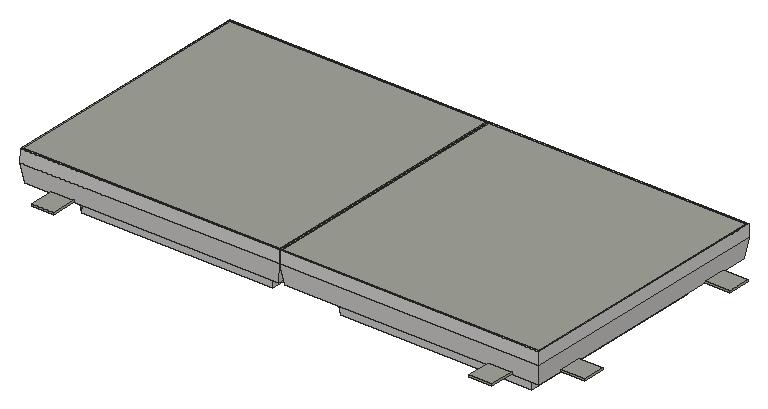
Revit family "ME_ST_WPB_Urbanfil_Pavermate_Two_part_Access_Cover_ACO", category Mechanical Equipment, Revit 2023
Family settings
  Round Connector Dimension = Use Diameter
  Part Type = Normal
  OmniClass Number = 23.35.50.27.11.11
  OmniClass Title = Access Floors, Frames
  Work Plane-Based = Yes
  Always vertical = No
  Cut with Voids When Loaded = No
  Maintain Annotation Orientation = No
  Shared = Yes
  Room Calculation Point = No
Parameters (values of type "Pavermate_PM2410B_450x1020")
  y [instance] = frame_D - 110 mm  # 1040 mm
  x [instance] = frame_dimesion_C - 110 mm  # 470 mm
  type_index = 1
  solids_visible_2 [instance] = 1 = 1  # yes
  net_mass_S_ANZRS [instance] = if(LOD400, size_lookup(lookuptable_name, "ma", 0.00 kg, type_index, material_index), 0.00 kg)  # 33.90 kg
  material_index = size_lookup(lookuptable_name, "mi", 0, type_index)  # 1
  material_C_ANZRS = Steel, Carbon
  material_02_C_ANZRS = Concrete, Grey
  material_01_C_ANZRS = Steel, Galvanised
  intended_use_C_ANZRS [instance] = if(region_index = 1, "Drainage systems", if(region_index = 2, "Entwässerungssysteme", if(region_index = 3, "Afvoersystemen", "0")))  # "Drainage systems"
  instructions_for_use = "https://www.acoaccess.com.au/products/urbanfil-pavermate-deep-pan-access-covers/?id=0#2part"
  installation_manual = "https://www.acoaccess.com.au/products/urbanfil-pavermate-deep-pan-access-covers/?id=0#2part"
  info_technical_C_ANZRS = "https://www.acoaccess.com.au/products/urbanfil-pavermate-deep-pan-access-covers/?id=0#2part"
  info_commercial_C_ANZRS = "https://www.acoaccess.com.au/products/urbanfil-pavermate-deep-pan-access-covers/?id=0#2part"
  height_C_ANZRS [instance] = size_lookup(lookuptable_name, "F", 0 mm, type_index, material_index)  # 70 mm
  height_01_C_ANZRS [instance] = size_lookup(lookuptable_name, "H", 0 mm, type_index, material_index)  # 135 mm
  frame_D [instance] = frame_dimesion_D * 2  # 1150 mm
  distance between two parts [instance] = frame_dimesion_D / 2  # 287.5 mm
  description_C_ANZRS [instance] = if(LOD400, size_lookup(lookuptable_name, "di", "0", type_index, material_index), "Generic Access Cover")  # "ACO Pavermate 2-Part 450x1020 Cover (Type PM2410B)"
  content_version_C_ANZRS = "1.0"  # constant formula
  content_date_changed_C_ANZRS = "11-07-2025"  # constant formula
  content_creator_C_ANZRS = "ACO Technology Centre, INDIA"  # constant formula
  code_specification_URL_C_ANZRS = "https://www.acoaccess.com.au/products/urbanfil-pavermate-deep-pan-access-covers/?id=0#2part"
  code_article_C_ANZRS [instance] = if(LOD400, size_lookup(lookuptable_name, "", "0", type_index, material_index), "Generic Access Cover")  # "82358"
  Universal Lifting key [instance] = yes
  URL = "https://www.acoaccess.com.au/"
  Type IFC Predefined Type = "USERDEFINED"
  frame_dimesion_D [instance] = size_lookup(lookuptable_name, "D", 0 mm, type_index, material_index)  # 575 mm
  frame_dimesion_C [instance] = size_lookup(lookuptable_name, "C", 0 mm, type_index, material_index)  # 580 mm
  product_index [instance] = size_lookup(lookuptable_name, "pi", 0, type_index, material_index)  # 1
  lookuptable_name = "urbanfil_pavermate_doublepart"  # constant formula
  clear_area_B [instance] = size_lookup(lookuptable_name, "B", 0 mm, type_index, material_index)  # 1020 mm
  Type Comments = "-"  # constant formula
  productrange = "Access Covers"  # constant formula
  region_index = 1  # constant formula
  desc_uk [instance] = if(LOD400, size_lookup(lookuptable_name, "di", "0", type_index, material_index), "Generic Access Cover")  # "ACO Pavermate 2-Part 450x1020 Cover (Type PM2410B)"
  Model = if(LOD400, "Urbanfil Pavermate (deep pan access covers)", "Generic Cover")  # "Urbanfil Pavermate (deep pan access covers)"
  Manufacturer = if(LOD400, "ACO", "Generic")  # "ACO"
  Locking key [instance] = yes
  LOD400 = yes
  LOD300 = not(LOD400)  # no
  LOD = if(LOD400, "LOD 400", "LOD 300")  # "LOD 400"
  IfcDescription = Description  # "ACO Urbanfil Pavermate (deep pan access covers)"
  Export Type to IFC As = "IfcBuildingElementProxy "
  Distance between two bars_C [instance] = frame_dimesion_C / 2  # 290 mm
  Distance between two bars_D [instance] = frame_dimesion_D / 2  # 287.5 mm
  Description = if(LOD400, "ACO Urbanfil Pavermate (deep pan access covers)", "Generic Cover")  # "ACO Urbanfil Pavermate (deep pan access covers)"
  Default Elevation = 0 mm
  clear_area_A [instance] = size_lookup(lookuptable_name, "A", 0 mm, type_index, material_index)  # 450 mm
  Concrete anchors distance D [instance] = frame_D + 100 mm  # 1250 mm
  Concrete anchors distance C [instance] = frame_dimesion_C + 100 mm  # 680 mm
  12mm reinforcing bars [instance] = 12 mm  # constant formula
Types (14, lengths in mm): name | y | x | type_index | net_mass_S_ANZRS | frame_D | distance between two parts | description_C_ANZRS | code_article_C_ANZRS | frame_dimesion_D | frame_dimesion_C | product_index | clear_area_B | desc_uk | Distance between two bars_C | Distance between two bars_D | clear_area_A | Concrete anchors distance D | Concrete anchors distance C
  Pavermate_PM2410B_450x1020 | 1040 | 470 | 1 | 33.90 kg | 1150 | 287.5 | "ACO Pavermate 2-Part 450x1020 Cover (Type PM2410B)" | "82358" | 575 | 580 | 1 | 1020 | "ACO Pavermate 2-Part 450x1020 Cover (Type PM2410B)" | 290 | 287.5 | 450 | 1250 | 680
  Pavermate_PM2411B_450x1170 | 1190 | 470 | 2 | 35.90 kg | 1300 | 325 | "ACO Pavermate 2-Part 450x1170 Cover (Type PM2411B)" | "82366" | 650 | 580 | 2 | 1170 | "ACO Pavermate 2-Part 450x1170 Cover (Type PM2411B)" | 290 | 325 | 450 | 1400 | 680
  Pavermate_PM2413B_450x1320 | 1340 | 470 | 3 | 37.90 kg | 1450 | 362.5 | "ACO Pavermate 2-Part 450x1320 Cover (Type PM2413B)" | "82373" | 725 | 580 | 3 | 1320 | "ACO Pavermate 2-Part 450x1320 Cover (Type PM2413B)" | 290 | 362.5 | 450 | 1550 | 680
  Pavermate_PM2610B_600x1020 | 1040 | 620 | 4 | 39.70 kg | 1150 | 287.5 | "ACO Pavermate 2-Part 600x1020 Cover (Type PM2610B)" | "82384" | 575 | 730 | 4 | 1020 | "ACO Pavermate 2-Part 600x1020 Cover (Type PM2610B)" | 365 | 287.5 | 600 | 1250 | 830
  Pavermate_PM2611B_600x1170 | 1190 | 620 | 5 | 39.60 kg | 1300 | 325 | "ACO Pavermate 2-Part 600x1170 Cover (Type PM2611B)" | "82398" | 650 | 730 | 5 | 1170 | "ACO Pavermate 2-Part 600x1170 Cover (Type PM2611B)" | 365 | 325 | 600 | 1400 | 830
  Pavermate_PM2613B_600x1320 | 1340 | 620 | 6 | 39.20 kg | 1450 | 362.5 | "ACO Pavermate 2-Part 600x1320 Cover (Type PM2613B)" | "82405" | 725 | 730 | 6 | 1320 | "ACO Pavermate 2-Part 600x1320 Cover (Type PM2613B)" | 365 | 362.5 | 600 | 1550 | 830
  Pavermate_PM2614B_600x1470 | 1490 | 620 | 7 | 44.70 kg | 1600 | 400 | "ACO Pavermate 2-Part 600x1470 Cover (Type PM2614B)" | "82417" | 800 | 730 | 7 | 1470 | "ACO Pavermate 2-Part 600x1470 Cover (Type PM2614B)" | 365 | 400 | 600 | 1700 | 830
  Pavermate_PM2616B_600x1620 | 1640 | 620 | 8 | 50.40 kg | 1750 | 437.5 | "ACO Pavermate 2-Part 600x1620 Cover (Type PM2616B)" | "82422" | 875 | 730 | 8 | 1620 | "ACO Pavermate 2-Part 600x1620 Cover (Type PM2616B)" | 365 | 437.5 | 600 | 1850 | 830
  Pavermate_PM2617B_600x1770 | 1790 | 620 | 9 | 57.50 kg | 1900 | 475 | "ACO Pavermate 2-Part 600x1770 Cover (Type PM2617B)" | "82436" | 950 | 730 | 9 | 1770 | "ACO Pavermate 2-Part 600x1770 Cover (Type PM2617B)" | 365 | 475 | 600 | 2000 | 830
  Pavermate_PM2619B_600x1920 | 1940 | 620 | 10 | 56.90 kg | 2050 | 512.5 | "ACO Pavermate 2-Part 600x1920 Cover (Type PM2619B)" | "82443" | 1025 | 730 | 10 | 1920 | "ACO Pavermate 2-Part 600x1920 Cover (Type PM2619B)" | 365 | 512.5 | 600 | 2150 | 830
  Pavermate_PM2713B_750x1320 | 1340 | 770 | 11 | 51.10 kg | 1450 | 362.5 | "ACO Pavermate 2-Part 750x1320 Cover (Type PM2713B)" | "82450" | 725 | 880 | 11 | 1320 | "ACO Pavermate 2-Part 750x1320 Cover (Type PM2713B)" | 440 | 362.5 | 750 | 1550 | 980
  Pavermate_PM2714B_750x1470 | 1490 | 770 | 12 | 54.70 kg | 1600 | 400 | "ACO Pavermate 2-Part 750x1470 Cover (Type PM2714B)" | "82464" | 800 | 880 | 12 | 1470 | "ACO Pavermate 2-Part 750x1470 Cover (Type PM2714B)" | 440 | 400 | 750 | 1700 | 980
  Pavermate_PM2716B_750x1620 | 1640 | 770 | 13 | 58.20 kg | 1750 | 437.5 | "ACO Pavermate 2-Part 750x1620 Cover (Type PM2716B)" | "82471" | 875 | 880 | 13 | 1620 | "ACO Pavermate 2-Part 750x1620 Cover (Type PM2716B)" | 440 | 437.5 | 750 | 1850 | 980
  Pavermate_PM2913B_900x1320 | 1340 | 920 | 14 | 55.30 kg | 1450 | 362.5 | "ACO Pavermate 2-Part 900x1320 Cover (Type PM2913B)" | "82488" | 725 | 1030 | 14 | 1320 | "ACO Pavermate 2-Part 900x1320 Cover (Type PM2913B)" | 515 | 362.5 | 900 | 1550 | 1130
Reference planes
  plane 1 "Center (Front/Back)": y = 0
  plane 2: z = 0
  plane 3 "Center (Left/Right)": x = 0
  plane 4 "perforated_218": z = 0
  plane 5: z = -5
  plane 6: z = -70
  plane 7: y = 225
  plane 8: y = -225
  plane 9: x = -287.5
  plane 10: x = 287.5
  plane 11: y = 290
  plane 12: y = -290
  plane 13: x = -222.5
  plane 14: x = 222.5
  plane 15: y = 585
  plane 16: y = -585
  plane 17: y = -340
  plane 18: y = 340
  plane 19: z = -100
  plane 20: z = -112
  plane 21: y = -145
  plane 22: y = 145
  plane 23: x = 797.5
  plane 24: y = 280
  plane 25: y = -280
Forms (mm)
  Extrusion 1, solid, material "Steel, Carbon" <- "material_C_ANZRS"
    sketch origin (0, 0, 0) x (1, 0, 0) y (0, 0, 1)
      loop
        circle (-143.75, -100) r 6
      loop
        circle (143.75, -100) r 6
    from -212.373 to 212.373
  Extrusion 2, solid, material "Steel, Carbon" <- "material_C_ANZRS"
    sketch origin (222.5, -1524, 2214.315) x (0, 0, 1) y (0, -1, 0)
      loop
        circle (-2326.315, -1379) r 6
      loop
        circle (-2326.315, -1669) r 6
    from -12.627 to -432.373
  Extrusion 3, solid, material "Steel, Carbon" <- "material_C_ANZRS"
    sketch origin (335.2, 0, 0) x (1, 0, 0) y (0, 0, 1)
      loop
        circle (96.089, -100) r 6
      loop
        circle (383.589, -100) r 6
    from -212.378 to 212.368
  Extrusion 4, solid, material "Steel, Carbon" <- "material_C_ANZRS"
    sketch origin (222.5, -1528.8, 2214.315) x (0, 0, 1) y (0, -1, 0)
      loop
        circle (-2326.315, -1383.8) r 6
      loop
        circle (-2326.315, -1673.8) r 6
    from 562.373 to 142.627
  Extrusion 5, solid, material "Concrete, Grey" <- "material_02_C_ANZRS"
    sketch origin (-1351.99, -1524, -70) x (-1, 0, 0) y (0, -1, 0)
      loop
        line (-1129.49, -1864) -> (-1129.49, -1804) -> (-1179.49, -1804) -> (-1179.49, -1864) -> (-1129.49, -1864)
      loop
        line (-2149.49, -1864) -> (-2099.49, -1864) -> (-2099.49, -1804) -> (-2149.49, -1804) -> (-2149.49, -1864)
      loop
        line (-1129.49, -1184) -> (-1179.49, -1184) -> (-1179.49, -1244) -> (-1129.49, -1244) -> (-1129.49, -1184)
      loop
        line (-2149.49, -1184) -> (-2149.49, -1244) -> (-2099.49, -1244) -> (-2099.49, -1184) -> (-2149.49, -1184)
      loop
        line (-1014.49, -1749) -> (-1014.49, -1699) -> (-1084.49, -1699) -> (-1084.49, -1749) -> (-1014.49, -1749)
      loop
        line (-1014.49, -1299) -> (-1084.49, -1299) -> (-1084.49, -1349) -> (-1014.49, -1349) -> (-1014.49, -1299)
      loop
        line (-2264.49, -1749) -> (-2194.49, -1749) -> (-2194.49, -1699) -> (-2264.49, -1699) -> (-2264.49, -1749)
      loop
        line (-2264.49, -1299) -> (-2264.49, -1349) -> (-2194.49, -1349) -> (-2194.49, -1299) -> (-2264.49, -1299)
    from 0.975 to 5
Dimensions and locks
  locked: level to plane 5 at 5
  "height_C_ANZRS": level to plane 6
  "height_01_C_ANZRS": level to nested 1
  equal spacing: plane 9, plane 3 "Center (Left/Right)", plane 10
  "frame_dimesion_D": plane 9 to plane 10
  equal spacing: plane 12, plane 1 "Center (Front/Back)", plane 11
  "frame_dimesion_C": plane 12 to plane 11
  equal spacing: plane 14, plane 3 "Center (Left/Right)", plane 13  (x2)
  equal spacing: plane 15, plane 1 "Center (Front/Back)", plane 16
  equal spacing: plane 18, plane 1 "Center (Front/Back)", plane 17
  "Concrete anchors distance C": plane 18 to plane 17
  locked: level to plane 19 at 100
  equal spacing: Extrusion 1 sketch curve, nested 2, Extrusion 1 sketch curve
  "Distance between two bars_D": Extrusion 1 sketch curve to Extrusion 1 sketch curve
  equal spacing: plane 21, plane 1 "Center (Front/Back)", plane 22
  "Distance between two bars_C": plane 21 to plane 22
  equal spacing: Extrusion 3 sketch curve, nested 4, Extrusion 3 sketch curve
  "Distance between two bars_D": Extrusion 3 sketch curve to Extrusion 3 sketch curve
  "distance between two parts": nested 3 to plane 10
  "frame_D": plane 9 to nested 4
  equal spacing: plane 8, plane 1 "Center (Front/Back)", plane 7
  "clear_area_A": plane 8 to plane 7
  "clear_area_B": plane 23 to plane 13
  locked: plane 9 to plane 13 at 65
  locked: nested 4 to plane 23 at 65.039
  plane 8 to plane 1 "Center (Front/Back)" to plane 22 = 225 mm, 145 mm
  locked: plane 24 to plane 11 at 10
  locked: plane 25 to plane 12 at 10
  locked: Extrusion 5 sketch curve to Extrusion 5 sketch curve at 60  (x4)
  locked: Extrusion 5 sketch curve to Extrusion 5 sketch curve at 50  (x8)
  locked: Extrusion 5 sketch curve to plane 9 at 50
  Extrusion 5 sketch curve to plane 9 = 50 mm
  locked: Extrusion 5 sketch curve to Extrusion 5 sketch curve at 70  (x4)
  locked: level to plane 20 at 112
  locked: Extrusion 1 to plane 7 at 12.627
  locked: plane 8 to Extrusion 1 at 12.627
  locked: plane 9 to Extrusion 2 at 77.627
  locked: Extrusion 3 to plane 7 at 12.622
  locked: plane 10 to Extrusion 4 at 77.627
  locked: plane 8 to Extrusion 3 at 12.632
  locked: Extrusion 4 to plane 23 at 12.627
  locked: Extrusion 2 to plane 14 at 12.627
  "12mm reinforcing bars": diameter of Extrusion 1 sketch curve  (x2)
  "12mm reinforcing bars": diameter of Extrusion 2 sketch curve  (x2)
  "12mm reinforcing bars": diameter of Extrusion 3 sketch curve  (x2)
  "12mm reinforcing bars": diameter of Extrusion 4 sketch curve  (x2)
  aligned and locked: level to plane 2
  aligned and locked: nested 1 to plane 1 "Center (Front/Back)"
  aligned and locked: plane 3 "Center (Left/Right)" to nested 2
  aligned and locked: plane 1 "Center (Front/Back)" to nested 2
  aligned and locked: plane 19 to Extrusion 1 sketch curve  (x2)
  aligned and locked: plane 20 to Extrusion 2 sketch curve  (x2)
  aligned and locked: plane 21 to Extrusion 2 sketch curve
  aligned and locked: plane 22 to Extrusion 2 sketch curve
  aligned and locked: nested 4 to plane 10
  aligned and locked: nested 4 to nested 2
  aligned and locked: plane 21 to Extrusion 4 sketch curve
  aligned and locked: plane 20 to Extrusion 4 sketch curve  (x2)
  aligned and locked: plane 22 to Extrusion 4 sketch curve
  aligned and locked: plane 24 to Extrusion 5 sketch curve
  aligned and locked: plane 23 to Extrusion 5 sketch curve
  aligned and locked: Extrusion 5 sketch curve to plane 13
  aligned and locked: Extrusion 5 sketch curve to plane 23
  aligned and locked: plane 8 to Extrusion 5 sketch curve
  aligned and locked: plane 7 to Extrusion 5 sketch curve
  aligned and locked: Extrusion 5 sketch curve to plane 7
  aligned and locked: Extrusion 5 sketch curve to plane 8
Automatic sketch dimensions
  Extrusion 5 sketch curve to plane 13 = 0 mm
  plane 18 to Extrusion 5 sketch curve = 0 mm
  Extrusion 5 sketch curve to plane 25 = 0 mm  (x2)
  plane 23 to Extrusion 5 sketch curve = 45 mm  (x2)
  Extrusion 3 sketch curve to plane 19 = 0 mm  (x2)
Nested families
  nested 1: "ZZZ_do_not_use_ME_ST_WPB_Frame_Two part_Pavermate_access_cover_ACO" at (0, 0, 0) x (-1, 0, 0) z (0, 0, 1), solids_visible_2 <- "solids_visible_2", Width-BP-P1 <- "frame_dimesion_D", Length-BP-P1 <- "frame_dimesion_C", type_index <- "type_index", visible <- "solids_visible_2", material_01_C_ANZRS <- "material_01_C_ANZRS", type "std(nested)"
    with type_index 1, solids_visible_2 yes, material_01_C_ANZRS Steel, Galvanised, Width-BP-P1 575 mm, Length-BP-P1 580 mm, Height-BP-P1 135 mm
  nested 2: "ZZZ_do_not_use_ME_ST_WPB_Two part_Pavermate_access_cover_ACO" at (0, 0, 0), A <- "clear_area_A", D <- "frame_dimesion_D", B <- "clear_area_B", C <- "frame_dimesion_C", height_C_ANZRS <- "height_C_ANZRS", material_01_C_ANZRS <- "material_01_C_ANZRS", material_02_C_ANZRS <- "material_02_C_ANZRS", type "std(nested)"
    with material_index 1, material_02_C_ANZRS Concrete, Grey, material_01_C_ANZRS Steel, Galvanised, height_C_ANZRS 70 mm, D 575 mm, C 580 mm, B 1020 mm, A 450 mm
  nested 3: "ZZZ_do_not_use_ME_ST_WPB_Frame_Two part_Pavermate_access_cover_ACO" at (575, 0.005, -0.004) x (-1, 0, 0) z (0, 0, 1), solids_visible_2 <- "solids_visible_2", Width-BP-P1 <- "frame_dimesion_D", Length-BP-P1 <- "frame_dimesion_C", type_index <- "type_index", visible <- "solids_visible_2", material_01_C_ANZRS <- "material_01_C_ANZRS", type "std(nested)"
    with type_index 1, solids_visible_2 yes, material_01_C_ANZRS Steel, Galvanised, Width-BP-P1 575 mm, Length-BP-P1 580 mm, Height-BP-P1 135 mm
  nested 4: "ZZZ_do_not_use_ME_ST_WPB_Two part_Pavermate_access_cover_ACO" at (575.039, 0, 0), A <- "clear_area_A", D <- "frame_dimesion_D", B <- "clear_area_B", C <- "frame_dimesion_C", height_C_ANZRS <- "height_C_ANZRS", material_01_C_ANZRS <- "material_01_C_ANZRS", material_02_C_ANZRS <- "material_02_C_ANZRS", type "std(nested)"
    with material_index 1, material_02_C_ANZRS Concrete, Grey, material_01_C_ANZRS Steel, Galvanised, height_C_ANZRS 70 mm, D 575 mm, C 580 mm, B 1020 mm, A 450 mm
  nested 5: "Urbanfil_Pavermate_locking_key_ACO" at (2.5, -5, -43.75), visible <- "Locking key", locking key <- "Locking key", type "Urbanfil_Pavermate_locking_key_ACO"
    with locking key yes, description_C_ANZRS "ACO allen locking key", content_date_changed_C_ANZRS "11-07-2025", content_creator_C_ANZRS "ACO Technology Centre, INDIA", code_article_C_ANZRS "84313", Product range "Acccess covers"
  nested 6: "Universal_lifting_key_ACO" at (637.5, -5, -55), visible <- "Universal Lifting key", universal lifting key <- "Universal Lifting key", type "Universal_lifting_key_ACO"
    with universal lifting key yes, description_C_ANZRS "ACO Universal lifting key", content_date_changed_C_ANZRS "11-07-2025", content_creator_C_ANZRS "ACO Technology Centre, INDIA", code_article_C_ANZRS "84306", Product range "Acccess covers"
Definition of nested family "ZZZ_do_not_use_ME_ST_WPB_Frame_Two part_Pavermate_access_cover_ACO"
  Parameters (values of type "std(nested)")
    type_index [instance] = 2
    ref2 = 55 mm
    ref1 = 2 mm
    ref = 65 mm
    material_01_C_ANZRS [instance] = none
    Width-BP-P1 [instance] = 800 mm
    solids_visible_2 [instance] = yes
    Length-BP-P1 [instance] = 500 mm
    Height-BP-P1 [instance] = 135 mm  # constant formula
    Default Elevation = 1219.2 mm
  Reference planes
    plane 1 "Center (Front/Back)": y = 0
    plane 2: z = 0
    plane 3 "Center (Left/Right)": x = 0
    plane 4: y = 250
    plane 5: y = -250
    plane 6: x = -400
    plane 7: x = 400
    plane 8: z = -65
    plane 9: z = -135
  Forms (mm)
    Sweep 1, solid, material <- "material_01_C_ANZRS", visible <- "solids_visible_2"
      path origin (0, 0, 0) x (1, 0, 0) y (0, 1, 0)
        loop
          line (-400, 250) -> (-400, -250) -> (400, -250) -> (400, 250) -> (-400, 250)
      profile origin (0, 250, 0) x (0, 1, 0) y (0, 0, 1)
        loop
          line (-55, -65) -> (-68, -65) -> (-77.627, -133.5) -> (-142.833, -133.5) -> (-142.833, -135) -> (-75.81, -135) -> (-66.701, -67) -> (-55, -67) -> (-55, -65)
    Extrusion 2, solid, material <- "material_01_C_ANZRS", visible <- "solids_visible_2"
      sketch origin (0, 0, 0) x (1, 0, 0) y (0, 1, 0)
        loop
          line (-257.167, 107.167) -> (-257.167, -107.167) -> (257.167, -107.167) -> (257.167, 107.167) -> (-257.167, 107.167)
      from -135 to -133.5
  Cuts and joins
    joined: Sweep 1, Extrusion 2
  Dimensions and locks
    equal spacing: plane 6, plane 3 "Center (Left/Right)", plane 7
    "Width-BP-P1": plane 6 to plane 7
    equal spacing: plane 4, plane 1 "Center (Front/Back)", plane 5
    "Length-BP-P1": plane 4 to plane 5
    "ref": level to plane 8
    "Height-BP-P1": plane 2 to plane 9
    locked: Sweep 1 sketch curve to plane 9 at 1.5
    "ref2": profile plane to Sweep 1 sketch curve
    locked: plane 4 to Sweep 1 sketch curve at 68
    "ref1": Sweep 1 sketch curve to Sweep 1 sketch curve
    locked: Sweep 1 sketch curve to Sweep 1 sketch curve at 2
    angle Sweep 1 sketch curve to Sweep 1 sketch curve = 82.00°
    locked: Sweep 1 sketch curve to Sweep 1 sketch curve (angle 90.00°)
    aligned and locked: level to plane 2
    aligned and locked: Sweep 1 sketch curve to plane 4
    aligned and locked: plane 6 to Sweep 1 sketch curve
    aligned and locked: plane 5 to Sweep 1 sketch curve
    aligned and locked: Sweep 1 sketch curve to plane 7
    aligned and locked: plane 9 to Sweep 1 sketch curve
    aligned and locked: Sweep 1 sketch curve to plane 8
    aligned and locked: Extrusion 2 sketch curve to Sweep 1  (x4)
    aligned and locked: Sweep 1 to Extrusion 2  (x2)
  Automatic sketch dimensions
    Sweep 1 sketch curve to Sweep 1 sketch curve = 65.206 mm
    Sweep 1 sketch curve to Sweep 1 sketch curve = 1.817 mm
Definition of nested family "ZZZ_do_not_use_ME_ST_WPB_Two part_Pavermate_access_cover_ACO"
  Parameters (values of type "std(nested)")
    material_index [instance] = 1  # constant formula
    material_02_C_ANZRS [instance] = none
    material_01_C_ANZRS [instance] = none
    height_C_ANZRS [instance] = 82.5 mm
    D [instance] = 1500 mm
    C [instance] = 1110 mm
    B [instance] = 1000 mm
    Type Comments = "-"  # constant formula
    productrange = "Access Covers"  # constant formula
    region_index = 1  # constant formula
    Model = if(LOD400, "Access Covers SOLID GS", "Generic Covers")  # "Access Covers SOLID GS"
    Manufacturer = if(LOD400, "ACO", "Generic")  # "ACO"
    LOD400 = yes
    LOD300 = not(LOD400)  # no
    LOD = if(LOD400, "LOD 400", "LOD 300")  # "LOD 400"
    IfcExportType = "USERDEFINED"  # constant formula
    IfcExportAs = "IfcWasteTerminalType"  # constant formula
    IfcDescription = Description  # "ACO Access Cover SOLID GS"
    Description = if(LOD400, "ACO Access Cover SOLID GS", "Generic Cover")  # "ACO Access Cover SOLID GS"
    Default Elevation = 0 mm
    A [instance] = 1350 mm
  Reference planes
    plane 1 "Center (Front/Back)": y = 0
    plane 2: z = 0
    plane 3 "Center (Left/Right)": x = 0
    plane 4 "perforated_218": z = 0
    plane 5: z = -5
    plane 6: z = -82.5
    plane 7: x = -750
    plane 8: x = 750
    plane 9: y = 555
    plane 10: y = -555
    plane 11: y = -150
    plane 12: y = 150
    plane 13: y = 500
    plane 14: z = -70
    plane 15: x = 675
    plane 16: x = -675
    plane 17: y = 500
    plane 18: y = -500
    plane 19: x = -722
    plane 20: x = 722
    plane 21: y = -531
    plane 22: y = 531
    plane 23: x = -747.961
  Forms (mm)
    Sweep 1, solid, material <- "material_01_C_ANZRS"
      path origin (0, 0, 0) x (1, 0, 0) y (0, 1, 0)
        loop
          line (-750, 555) -> (-750, -555) -> (750, -555) -> (750, 555) -> (-750, 555)
      profile origin (0, 555, 0) x (0, 1, 0) y (0, 0, 1)
        loop
          line (-0.039, -40.777) -> (-0.039, 0) -> (-2.039, 0) -> (-2.039, -40.637) -> (-7.641, -80.5) -> (-50.188, -80.5) -> (-55, -80.5) -> (-55, -82.5) -> (-47.738, -82.5) -> (-31.451, -82.5) -> (-5.903, -82.5) -> (-0.039, -40.777)
    Extrusion 2, solid, material <- "material_02_C_ANZRS"
      sketch origin (0, 0, 0) x (1, 0, 0) y (0, 1, 0)
        loop
          line (-747.961, 552.961) -> (-747.961, -552.961) -> (747.961, -552.961) -> (747.961, 552.961) -> (-747.961, 552.961)
      from -5 to 0
  Lines and regions (mm)
    model lines
      curve 1: line (-747.961, 552.961, 0) -> (-685, 552.961, 0)
      curve 2: line (-747.961, 497.961, 0) -> (-747.961, 552.961, 0)
      curve 3: line (-685, 497.961, 0) -> (-747.961, 497.961, 0)
      curve 4: line (-685, 552.961, 0) -> (-685, 497.961, 0)
      curve 5: circle (-722, 531, 0) r 12 normal (0, 0, 1)
      curve 6: line (685, 552.961, 0) -> (747.961, 552.961, 0)
      curve 7: line (685, 497.961, 0) -> (685, 552.961, 0)
      curve 8: line (747.961, 497.961, 0) -> (685, 497.961, 0)
      curve 9: line (747.961, 552.961, 0) -> (747.961, 497.961, 0)
      curve 10: circle (722, 531, 0) r 12 normal (0, 0, 1)
      curve 11: line (-747.961, -500, 0) -> (-685, -500, 0)
      curve 12: line (-747.961, -552.961, 0) -> (-747.961, -500, 0)
      curve 13: line (-685, -552.961, 0) -> (-747.961, -552.961, 0)
      curve 14: line (-685, -500, 0) -> (-685, -552.961, 0)
      curve 15: circle (-722, -531, 0) r 12 normal (0, 0, 1)
      curve 16: line (685, -500, 0) -> (747.961, -500, 0)
      curve 17: line (685, -552.961, 0) -> (685, -500, 0)
      curve 18: line (747.961, -552.961, 0) -> (685, -552.961, 0)
      curve 19: line (747.961, -500, 0) -> (747.961, -552.961, 0)
      curve 20: circle (722, -531, 0) r 12 normal (0, 0, 1)
  Dimensions and locks
    locked: level to plane 5 at 5
    "height_C_ANZRS": level to plane 6
    equal spacing: plane 7, plane 3 "Center (Left/Right)", plane 8
    equal spacing: plane 10, plane 1 "Center (Front/Back)", plane 9
    "C": plane 10 to plane 9
    "D": plane 7 to plane 8
    locked: Sweep 1 sketch curve to Sweep 1 sketch curve at 2
    locked: plane 9 to plane 13 at 55
    equal spacing: plane 16, plane 3 "Center (Left/Right)", plane 15
    "A": plane 16 to plane 15
    equal spacing: plane 18, plane 1 "Center (Front/Back)", plane 17
    "B": plane 18 to plane 17
    locked: profile plane to plane 6 at 82.5
    locked: Sweep 1 to plane 9 at 2.039
    locked: plane 10 to Sweep 1 at 2.039  (x2)
    locked: Extrusion 2 sketch curve to plane 8 at 2.039
    locked: plane 7 to plane 19 at 28
    locked: plane 20 to plane 8 at 28
    locked: plane 10 to plane 21 at 24
    locked: plane 22 to plane 9 at 24
    locked: plane 7 to plane 23 at 2.039
    locked: Sweep 1 sketch curve to plane 6 at 2
    locked: Sweep 1 sketch curve to Sweep 1 sketch curve at 2.005
    Sweep 1 sketch curve to Sweep 1 sketch curve = 2.005 mm
    locked: Sweep 1 sketch curve to Sweep 1 sketch curve at 2.65
    locked: curve 3 to curve 1 at 55
    locked: plane 10 to curve 11 at 55
    locked: curve 8 to curve 6 at 55
    locked: plane 7 to curve 4 at 65
    locked: plane 7 to curve 14 at 65
    plane 10 to curve 16 = 55 mm
    locked: curve 17 to plane 8 at 65
    locked: curve 7 to plane 8 at 65
    aligned and locked: level to plane 2
    aligned and locked: plane 9 to Sweep 1 sketch curve
    aligned and locked: plane 7 to Sweep 1 sketch curve
    aligned and locked: Sweep 1 sketch curve to plane 10
    aligned and locked: Sweep 1 sketch curve to plane 8
    aligned and locked: Extrusion 2 to plane 5
    aligned and locked: level to Extrusion 2
    aligned and locked: Sweep 1 sketch curve to profile plane
    aligned and locked: curve 1 to Sweep 1
    aligned and locked: Sweep 1 to curve 2
    aligned and locked: plane 19 to curve 5
    aligned and locked: plane 22 to curve 5
    aligned and locked: Sweep 1 to curve 6
    aligned and locked: plane 20 to curve 10
    aligned and locked: plane 22 to curve 10
    aligned and locked: Sweep 1 to curve 13
    aligned and locked: plane 19 to curve 15
    aligned and locked: plane 21 to curve 15
    aligned and locked: Sweep 1 to curve 18
    aligned and locked: plane 20 to curve 20
    aligned and locked: plane 21 to curve 20
    aligned and locked: Sweep 1 to Extrusion 2 sketch curve
    aligned and locked: Extrusion 2 sketch curve to Sweep 1  (x2)
    aligned and locked: Sweep 1 sketch curve to plane 13
    aligned and locked: Sweep 1 sketch curve to plane 6
    aligned and locked: curve 19 to Extrusion 2
  Automatic sketch dimensions
    plane 13 to Sweep 1 sketch curve = 4.812 mm
    Sweep 1 sketch curve to Sweep 1 sketch curve = 2.451 mm
    Sweep 1 sketch curve to Sweep 1 sketch curve = 16.286 mm
    profile plane to Sweep 1 sketch curve = 7.641 mm
    profile plane to Sweep 1 sketch curve = 2.039 mm
    Sweep 1 sketch curve to Sweep 1 sketch curve = 39.863 mm
    plane 7 to curve 13 = 2.039 mm
    curve 8 to plane 8 = 2.039 mm
    radius of curve 5 = 12 mm
    radius of curve 10 = 12 mm
    radius of curve 15 = 12 mm
    radius of curve 20 = 12 mm
Definition of nested family "Urbanfil_Pavermate_locking_key_ACO"
  Parameters (values of type "Urbanfil_Pavermate_locking_key_ACO")
    locking key [instance] = yes
    description_C_ANZRS [instance] = "ACO allen locking key"  # constant formula
    content_date_changed_C_ANZRS [instance] = "11-07-2025"  # constant formula
    content_creator_C_ANZRS [instance] = "ACO Technology Centre, INDIA"  # constant formula
    code_article_C_ANZRS [instance] = "84313"  # constant formula
    URL = "https://www.acoaccess.com.au/"
    Product range [instance] = "Acccess covers"  # constant formula
    Model = "allen locking key"  # constant formula
    Manufacturer = "ACO"  # constant formula
    Description = "allen locking key"  # constant formula
    Default Elevation = 0 mm
  Reference planes
    plane 1 "Center (Front/Back)": y = 0
    plane 2: z = 0
    plane 3 "Center (Left/Right)": x = 0
  Lines and regions (mm)
    model lines, visible <- "locking key"
      curve 1: line (-18.296, 15, 0) -> (20.006, -17.139, 0)
      curve 2: line (-21.257, -16.749, 0) -> (17.6, 14.717, 0)
  Dimensions and locks
    locked: curve 2 to curve 2 at 50
    locked: curve 1 to curve 1 at 50
    aligned and locked: level to plane 2
Definition of nested family "Universal_lifting_key_ACO"
  Parameters (values of type "Universal_lifting_key_ACO")
    universal lifting key [instance] = yes
    description_C_ANZRS [instance] = "ACO Universal lifting key"  # constant formula
    content_date_changed_C_ANZRS [instance] = "11-07-2025"  # constant formula
    content_creator_C_ANZRS [instance] = "ACO Technology Centre, INDIA"  # constant formula
    code_article_C_ANZRS [instance] = "84306"  # constant formula
    URL = "https://www.acoaccess.com.au/"
    Product range [instance] = "Acccess covers"  # constant formula
    Model = "Universal lifting key"  # constant formula
    Manufacturer = "ACO"  # constant formula
    Description = "Universal lifting key"  # constant formula
    Default Elevation = 0 mm
  Reference planes
    plane 1 "Center (Front/Back)": y = 0
    plane 2: z = 0
    plane 3 "Center (Left/Right)": x = 0
  Lines and regions (mm)
    model lines, visible <- "universal lifting key"
      curve 1: line (-18.296, 15, 0) -> (20.006, -17.139, 0)
      curve 2: line (-21.257, -16.749, 0) -> (17.6, 14.717, 0)
  Dimensions and locks
    locked: curve 2 to curve 2 at 50
    locked: curve 1 to curve 1 at 50
    aligned and locked: level to plane 2
